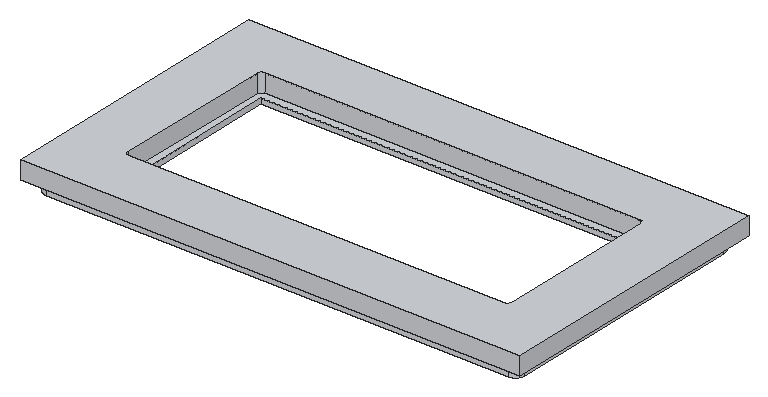
Revit family "Gira_100217", category Electrical Fixtures, host Face, Revit 2017
Family settings
  Host = Face
  Maintain Annotation Orientation = No
  Round Connector Dimension = Use Diameter
  Part Type = Normal
  Cut with Voids When Loaded = No
  Shared = No
  Room Calculation Point = No
Parameters (values of type "Abdeckrahmen 2f o.M. Gira Esprit Aluminium")
  Werkstoffgüte = "Echtglas"
  Werkstoff = "Glas"
  URL = "http://katalog.gira.de/de_DE/datenblatt.html?artikelnr=100217"
  Transparent = "No"
  Textfeld/Beschriftungsfläche = "No"
  Schutzart (IP) = "IP20"
  Region = "DE"
  Oberfläche = "sonstige"
  Name = "Abdeckrahmen 2f o.M. Gira Esprit G Mint"
  Montagerichtung = "horizontal und vertikal"
  Mit Montagerahmen = "No"
  Mit Klappdeckel = "No"
  Manufacturer URL = "https://www.gira.de/"
  Keynote = "Espr._Rahmen_2fach o.Mittelsteg"
  HeinzeBIM = "https://bimportal.heinze.de/bim/abdeckrahmen-2f-o-m-gira-esprit-g-mint/db542029d21295cbae78b025ad7f3744c507244b"
  Halogenfrei = "No"
  HAN = "100218"
  Geeignet für Unterputz-Installation = "Yes"
  Geeignet für Unterflurkanaldose = "No"
  Geeignet für Geräteeinbaukanal = "No"
  Geeignet für Einbauinstallation = "No"
  GTIN = "4010337002185"
  Farbe = "grün"
  Default Elevation = 1219.2 mm
  Data sheet (1) = "https://katalog.gira.de/de_DE/download.html?artikelnr=100218"
  Category = "Abdeckrahmen"
  Befestigungsart = "Klemmbefestigung"
  Available = "Yes"
  Anzahl der Einheiten vertikal = "2 "
  Anzahl der Einheiten horizontal = "2 "
  Anzahl der Einheiten = "2 "
Reference planes
  plane 1 "Center (Front/Back)": y = 0
  plane 2: z = 0
  plane 3 "Center (Left/Right)": x = 0
Forms (mm)
  Extrusion 1, solid, detail levels fine
    sketch origin (0, 0, 0) x (1, 0, 0) y (0, 1, 0)
      loop
        line (-83, 47.5) -> (-83, -47.5) -> (83, -47.5) -> (83, 47.5) -> (-83, 47.5)
      loop
        arc (-63.75, -26.7) -> (-63.311, -27.761) -> (-62.25, -28.2) r 1.5
        line (-62.25, -28.2) -> (62.25, -28.2)
        arc (62.25, -28.2) -> (63.311, -27.761) -> (63.75, -26.7) r 1.5
        line (63.75, -26.7) -> (63.75, 26.7)
        arc (63.75, 26.7) -> (63.311, 27.761) -> (62.25, 28.2) r 1.5
        line (62.25, 28.2) -> (-62.25, 28.2)
        arc (-62.25, 28.2) -> (-63.311, 27.761) -> (-63.75, 26.7) r 1.5
        line (-63.75, 26.7) -> (-63.75, -26.7)
    from 0 to 6
  Extrusion 2, solid, detail levels fine
    sketch origin (0, 0, 0) x (1, 0, 0) y (0, 1, 0)
      loop
        line (-61.518, -25.7) -> (61.45, -25.7) -> (61.45, 25.7) -> (-61.518, 25.7) -> (-61.518, -25.7)
      loop
        arc (-78.55, -41.3) -> (-78.023, -42.573) -> (-76.75, -43.1) r 1.8
        line (-76.75, -43.1) -> (77.95, -43.1)
        arc (77.95, -43.1) -> (79.223, -42.573) -> (79.75, -41.3) r 1.8
        line (79.75, -41.3) -> (79.75, 41.3)
        arc (79.75, 41.3) -> (79.223, 42.573) -> (77.95, 43.1) r 1.8
        line (77.95, 43.1) -> (-76.75, 43.1)
        arc (-76.75, 43.1) -> (-78.023, 42.573) -> (-78.55, 41.3) r 1.8
        line (-78.55, 41.3) -> (-78.55, -41.3)
    from -1.9 to 0
  Extrusion 3, solid, detail levels fine
    sketch origin (0, 0, 0) x (1, 0, 0) y (0, 1, 0)
      loop
        arc (-76.75, 44.4) -> (-78.871, 43.521) -> (-79.75, 41.4) r 3
        line (-79.75, 41.4) -> (-79.75, -41.4)
        arc (-79.75, -41.4) -> (-78.871, -43.521) -> (-76.75, -44.4) r 3
        line (-76.75, -44.4) -> (76.75, -44.4)
        arc (76.75, -44.4) -> (78.871, -43.521) -> (79.75, -41.4) r 3
        line (79.75, -41.4) -> (79.75, 41.4)
        arc (79.75, 41.4) -> (78.871, 43.521) -> (76.75, 44.4) r 3
        line (76.75, 44.4) -> (-76.75, 44.4)
      loop
        arc (-78.55, -41.4) -> (-78.023, -42.673) -> (-76.75, -43.2) r 1.8
        line (-76.75, -43.2) -> (76.75, -43.2)
        arc (76.75, -43.2) -> (78.023, -42.673) -> (78.55, -41.4) r 1.8
        line (78.55, -41.4) -> (78.55, 41.4)
        arc (78.55, 41.4) -> (78.023, 42.673) -> (76.75, 43.2) r 1.8
        line (76.75, 43.2) -> (-76.75, 43.2)
        arc (-76.75, 43.2) -> (-78.023, 42.673) -> (-78.55, 41.4) r 1.8
        line (-78.55, 41.4) -> (-78.55, -41.4)
    from -3.7 to 0
  Extrusion 4, solid, detail levels medium
    sketch origin (0, 0, 0) x (1, 0, 0) y (0, 1, 0)
      loop
        line (-83, 47.5) -> (-83, -47.5) -> (83, -47.5) -> (83, 47.5) -> (-83, 47.5)
    from 0 to 6
  Extrusion 5, solid, detail levels medium
    sketch origin (0, 0, 0) x (1, 0, 0) y (0, 1, 0)
      loop
        line (-79.75, 44.4) -> (-79.75, -44.4) -> (79.75, -44.4) -> (79.75, 44.4) -> (-79.75, 44.4)
    from -3.7 to 0
  Extrusion 6, solid, detail levels coarse
    sketch origin (0, 0, 0) x (1, 0, 0) y (0, 1, 0)
      loop
        line (-83, 47.5) -> (-83, -47.5) -> (83, -47.5) -> (83, 47.5) -> (-83, 47.5)
    from -3.7 to 6
Dimensions and locks
  aligned and locked: plane 2 to host face
  aligned and locked: level to host face
